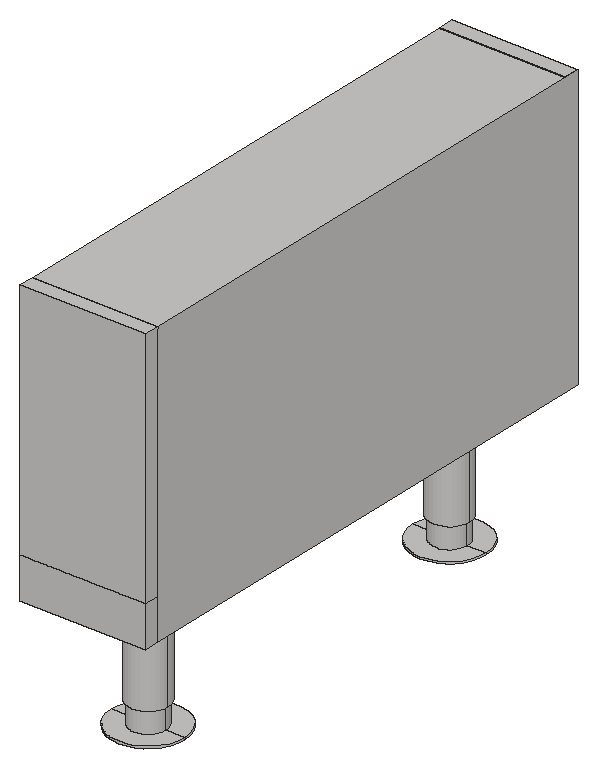
Revit family "QF_ELECTROLUXPROFESSIONAL_589908_MC3ACOBOOM", category Attrezzature speciali, Revit 2021
Family settings
  Quota connettore circolare = Usa diametro
  Tipo di parte = Normale
  Basato su piano di lavoro = No
  Sempre verticale = Sì
  Taglio con vuoti quando caricato = No
  Condiviso = No
  Punto di calcolo locali = No
Parameters (values of type "Standard")
  Weight = 11.50 kg
  Watts = 0 W
  Volts = 0 V
  URL Manufacturer = "https://www.electroluxprofessional.com/"
  URL = "https://www.electroluxprofessional.com/"
  Steam Supply Size = 0"
  Steam Supply Minimum Pressure = 0.00 psi
  Steam Supply Maximum Pressure = 0.00 psi
  Steam Consumption per Hour = 0
  Refrigeration Suction Line Size = 0 mm
  Refrigeration Liquid Line Size = 0 mm
  Refrigerant Compressor Remote = yes
  Prospetto di default = 0 mm
  Phase = 0
  Modello = "MC3ACOBOOM"
  Produttore = "Electrolux Professional"
  Length Actual = 200 mm  # constant formula
  Item Number = "589908"
  Hot Water Size = 0"
  Height Actual = 450 mm  # constant formula
  HP = "0 HP"
  Gas Size = 0"
  Gas KW = 0
  Gas Input Pressure = 0.0 Btu/h
  Direct Waste Size = 0"
  Descrizione = "CLOSED BASE, MARINE FEET, 200X900X450H"
  Depth Actual = 900 mm  # constant formula
  Cycle = 0 Hz
  Condensate Return Size = 0"
  Compressed Air Volume = 0 GPM
  Compressed Air Size = 0"
  Compressed Air Pressure = 0.00 psi
  Cold Water Size = 0"
  Accessory = yes
Reference planes
  plane 1 "BACK": y = 0
  plane 2: z = 0
  plane 3 "LEFT": x = 100
  plane 4 "RIGHT": x = 300
  plane 5 "FRONT": y = -900
  plane 6 "PLAIN": z = 900
  plane 7 "Center (Left/Right)": x = 200
  plane 8 "Center (Front/Back)": y = -450
  plane 9 "TOP": z = 650
  plane 10 "BASE": z = 200
  plane 11 "Feet_back": y = -150
  plane 12 "Feet_Front": y = -750
  plane 13: z = 265
  plane 14: y = -20
  plane 15: y = -855
  plane 16: y = -45
  plane 17: y = -880
  plane 18 "ButtonZ": z = 590
Forms (mm)
  Extrusion 1, solid, material "QF_Finishes_Stainless Steel"
    sketch origin (100, 0, 650) x (0, 1, 0) y (0, 0, 1)
      loop
        line (-20, -450) -> (-20, 0) -> (-855, 0) -> (-855, -450) -> (-20, -450)
    from 0 to 200
  Extrusion 2, solid, material "QF_Finishes_Stainless Steel"
    sketch origin (100, 0, 650) x (0, 1, 0) y (0, 0, 1)
      loop
        line (-880, -450) -> (-855, -450) -> (-855, -385) -> (-880, -385) -> (-880, -450)
    from 0 to 200
  Revolve 3, solid, material "QF_Finishes_Stainless Steel"
    sketch origin (0, -750, 0) x (0, 0, 1) y (-1, 0, 0)
      loop
        line (38, -168) -> (38, -172) -> (3, -172) -> (3, -141.5) -> (0, -141.5) -> (0, -200) -> (200, -200) -> (200, -168) -> (38, -168)
      axis (200, -200) -> (0, -200)
    angle from 0 to 360
  Revolve 4, solid, material "QF_Finishes_Stainless Steel"
    sketch origin (0, -150, 0) x (0, 0, 1) y (-1, 0, 0)
      loop
        line (38, -168) -> (38, -172) -> (3, -172) -> (3, -141.5) -> (0, -141.5) -> (0, -200) -> (200, -200) -> (200, -168) -> (38, -168)
      axis (200, -200) -> (0, -200)
    angle from 0 to 360
  Extrusion 5, solid, material "QF_Finishes_Stainless Steel"
    sketch origin (0, -900, 0) x (1, 0, 0) y (0, 0, 1)
      loop
        line (100, 650) -> (100, 265) -> (300, 265) -> (300, 650) -> (100, 650)
    from -45 to -20
  Extrusion 6, solid, material "QF_Finishes_Stainless Steel"
    sketch origin (0, 0, 0) x (1, 0, 0) y (0, 0, 1)
      loop
        line (100, 650) -> (100, 265) -> (300, 265) -> (300, 650) -> (100, 650)
    from 20 to 45
  Extrusion 7, solid, material "QF_Finishes_Stainless Steel"
    sketch origin (0, 0, 0) x (1, 0, 0) y (0, 0, 1)
      loop
        line (100, 265) -> (100, 200) -> (300, 200) -> (300, 265) -> (100, 265)
    from 45 to 20
Lines and regions (mm)
  symbolic lines, style "SpecialityEquipmentHiddenLines"
    curve 1: line (100, 0, 0) -> (300, 0, 0)
    curve 2: line (100, -900, 0) -> (100, 0, 0)
    curve 3: line (300, -900, 0) -> (100, -900, 0)
    curve 4: line (300, 0, 0) -> (300, -900, 0)
Dimensions and locks
  plane 3 "LEFT" to plane 4 "RIGHT" = 200 mm
  plane 5 "FRONT" to plane 1 "BACK" = 900 mm
  plane 3 "LEFT" to plane 7 "Center (Left/Right)" to plane 4 "RIGHT" = 100 mm, 100 mm
  equal spacing: plane 5 "FRONT", plane 8 "Center (Front/Back)", plane 1 "BACK"
  plane 6 "PLAIN" to plane 9 "TOP" = 250 mm
  plane 10 "BASE" to level = 200 mm
  plane 9 "TOP" to plane 10 "BASE" = 450 mm
  locked: plane 1 "BACK" to plane 11 "Feet_back" at 150
  plane 12 "Feet_Front" to plane 5 "FRONT" = 150 mm
  locked: plane 13 to plane 10 "BASE" at 65
  plane 1 "BACK" to plane 14 = 20 mm
  plane 6 "PLAIN" to level = 900 mm
  locked: plane 14 to plane 16 at 25
  locked: plane 17 to plane 5 "FRONT" at 20
  plane 15 to plane 17 = 25 mm
  plane 14 to plane 17 = 860 mm
  plane 18 "ButtonZ" to level = 590 mm
  aligned and locked: level to plane 2
  aligned and locked: Extrusion 1 to plane 4 "RIGHT"
  aligned and locked: Extrusion 1 to plane 3 "LEFT"
  aligned and locked: Extrusion 2 to plane 4 "RIGHT"
  aligned and locked: Extrusion 2 to plane 10 "BASE"
  aligned and locked: Extrusion 2 to plane 13
  aligned and locked: Extrusion 2 to plane 15
  aligned and locked: plane 17 to Extrusion 2
Automatic sketch dimensions
  curve 3 to plane 3 "LEFT" = 0 mm
  curve 3 to plane 4 "RIGHT" = 0 mm
  plane 5 "FRONT" to curve 3 = 0 mm
  plane 1 "BACK" to curve 2 = 0 mm
  Extrusion 1 sketch curve to plane 10 "BASE" = 0 mm
  Extrusion 1 sketch curve to plane 15 = 0 mm
  Extrusion 1 sketch curve to plane 16 = 25 mm
  Extrusion 1 sketch curve to plane 9 "TOP" = 0 mm
  plane 13 to Extrusion 2 sketch curve = 0 mm
  Extrusion 2 sketch curve to plane 17 = 0 mm
  Extrusion 2 sketch curve to plane 10 "BASE" = 0 mm
  Extrusion 2 sketch curve to plane 15 = 0 mm
  Extrusion 5 sketch curve to plane 3 "LEFT" = 0 mm
  plane 4 "RIGHT" to Extrusion 5 sketch curve = 0 mm
  Extrusion 5 sketch curve to plane 13 = 0 mm
  Extrusion 5 sketch curve to plane 9 "TOP" = 0 mm
  Extrusion 6 sketch curve to plane 3 "LEFT" = 0 mm
  plane 4 "RIGHT" to Extrusion 6 sketch curve = 0 mm
  plane 10 "BASE" to Extrusion 6 sketch curve = 65 mm
  Extrusion 6 sketch curve to plane 9 "TOP" = 0 mm
  Extrusion 7 sketch curve to plane 3 "LEFT" = 0 mm
  plane 4 "RIGHT" to Extrusion 7 sketch curve = 0 mm
  Extrusion 7 sketch curve to plane 10 "BASE" = 0 mm
  Extrusion 7 sketch curve to plane 9 "TOP" = 385 mm
  Revolve 4 sketch curve to plane 7 "Center (Left/Right)" = 0 mm  (x2)
  Revolve 4 sketch curve to level = 0 mm
  Revolve 4 sketch curve to plane 10 "BASE" = 0 mm
  level to Revolve 4 sketch curve = 3 mm
  Revolve 4 sketch curve to Revolve 4 sketch curve = 35 mm
  Revolve 4 sketch curve to plane 7 "Center (Left/Right)" = 28 mm
  Revolve 4 sketch curve to plane 7 "Center (Left/Right)" = 32 mm
  Revolve 4 sketch curve to Revolve 4 sketch curve = 30.5 mm
  Revolve 4 sketch curve to Revolve 4 sketch curve = 130 mm
  Revolve 4 sketch curve to plane 13 = 115 mm
  Revolve 3 sketch curve to plane 7 "Center (Left/Right)" = 0 mm  (x2)
  Revolve 3 sketch curve to level = 0 mm
  Revolve 3 sketch curve to plane 10 "BASE" = 0 mm
  level to Revolve 3 sketch curve = 3 mm
  Revolve 3 sketch curve to Revolve 3 sketch curve = 35 mm
  Revolve 3 sketch curve to plane 7 "Center (Left/Right)" = 28 mm
  Revolve 3 sketch curve to plane 7 "Center (Left/Right)" = 32 mm
  Revolve 3 sketch curve to Revolve 3 sketch curve = 30.5 mm
  Revolve 3 sketch curve to Revolve 3 sketch curve = 130 mm
  Revolve 3 sketch curve to plane 13 = 115 mm
